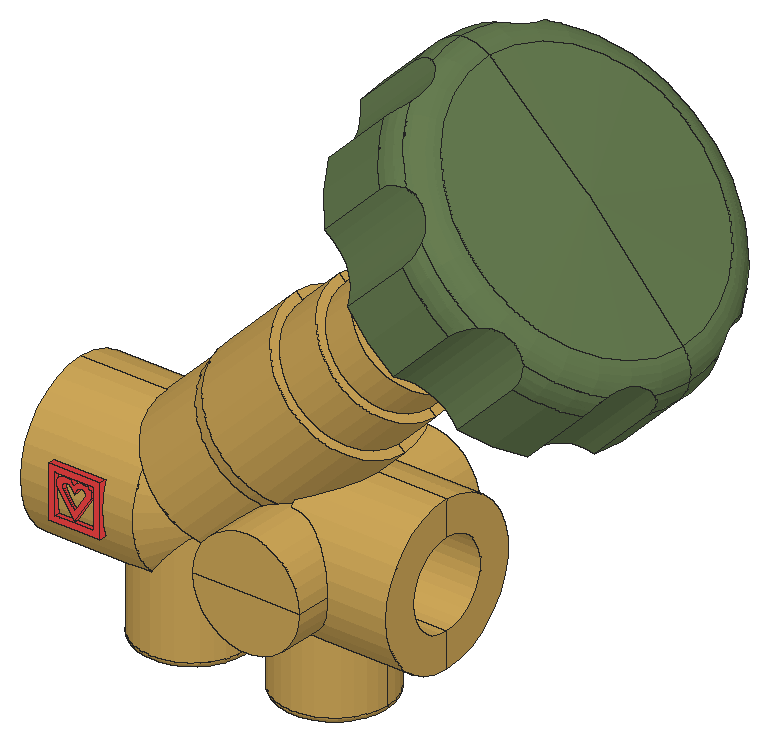
Revit family "HERZ Strömax 4125 AWD", category Rohrzubehör, Revit 2019
Family settings
  Bemaßung runder Anschluss = Durchmesser verwenden
  Teiletyp = Unterbricht
  OmniClass-Nummer = 23.65.55.14
  OmniClass-Titel = Valves for Liquid Services
  Arbeitsebenenbasiert = Nein
  Immer vertikal = Ja
  Beim Laden mit Abzugskörper schneiden = Nein
  Gemeinsam genutzt = Nein
Parameters
  W01 = 45.00°  # constant formula
  URL = "www.herzvalves.com"
  Technically possible use = " "  # constant formula
  Spindle = "forged brass CW617N"  # constant formula
  SW01 = 60.00°  # constant formula
  SC_NennweiteBerechnet = 0
  SC_Dimension = ""
  SCTWSEQ = "FW;SBT_TYP_FW=\"109\";2"
  SCTWCODE = "04;00;02"  # constant formula
  S03 = 60.000 mm  # constant formula
  S02 [instance] = L06 + L09 + L12 + L15  # 77.900 mm
  S01 [instance] = R01 * 2  # 27.000 mm
  R12 [instance] = R01 - 1.000 mm  # 12.500 mm
  R11 [instance] = size_lookup("4125AWD_", "R11", 46.500 mm, Nennweite)  # 5.100 mm
  R100 = 1.000 mm  # constant formula
  R10 [instance] = size_lookup("4125AWD_", "R10", 46.500 mm, Nennweite)  # 8.000 mm
  R09 [instance] = size_lookup("4125AWD_", "R9", 46.500 mm, Nennweite)  # 10.500 mm
  R08 [instance] = size_lookup("4125AWD_", "R8", 46.500 mm, Nennweite)  # 12.000 mm
  R07 [instance] = size_lookup("4125AWD_", "R7", 46.500 mm, Nennweite)  # 13.500 mm
  R06 [instance] = size_lookup("4125AWD_", "R6", 43.000 mm, Nennweite)  # 13.000 mm
  R05 [instance] = Nennweite / 2  # 7.500 mm
  R04 [instance] = size_lookup("4125AWD_", "R4", 11.500 mm, Nennweite)  # 9.500 mm
  R03 = 9.500 mm  # constant formula
  R02 [instance] = Nennweite / 2  # 7.500 mm
  R01 [instance] = size_lookup("4125AWD_", "R1", 11.500 mm, Nennweite)  # 13.500 mm
  Part number [instance] = size_lookup("4125AWD_", "Artnr", 0, Nennweite)  # 2412571
  Upper part = "DZR brass CW626N"  # constant formula
  Note = "Pursuant to Article 33 of the REACH Regulation (EC No. 1907/2006), we are obliged to point out that the material lead is listed on the SVHC list and that all brass components manufactured in our products exceed 0.1% (w / w) lead (CAS: 7439-92-1 / EINECS: 231-100-4).\r\nSince lead is a component part of an alloy, actual exposure is not possible and therefore no additional information on safe use is necessary."
  Nennweite [instance] = 15.000 mm
  Min. flow at Dp 10 kPa [instance] = if(Nennweite = 15.000 mm, 0.5 L/s, if(Nennweite = 20.000 mm, 1.0 L/s, if(Nennweite = 25.000 mm, 1.75 L/s, if(Nennweite = 32.000 mm, 3.0 L/s, if(Nennweite = 40.000 mm, 4.0 L/s, if(Nennweite = 50.000 mm, 6.75 L/s, if(Nennweite = 65.000 mm, 11.0 L/s, if(Nennweite = 80.000 mm, 16.0 L/s, 0.0 L/s))))))))  # 0.5 L/s
  Medium = "Water"  # constant formula
  Max. operating temperature = 80 °C  # constant formula
  Max. operating pressure = 2000000.0 Pa  # constant formula
  Max. service temperature (ÖVGW) = 65 °C  # constant formula
  Max. differential pressure on closed seat = 1000000.0 Pa  # constant formula
  Max. operating pressure (ÖVGW) = 1000000.0 Pa  # constant formula
  L16 [instance] = L01 / 2  # 10.000 mm
  L15 [instance] = size_lookup("4125AWD_", "L15", 12.400 mm, Nennweite)  # 12.400 mm
  L14 [instance] = size_lookup("4125AWD_", "L14", 81.000 mm, Nennweite)  # 6.000 mm
  L12 [instance] = size_lookup("4125AWD_", "L12", 81.000 mm, Nennweite)  # 26.000 mm
  L11 [instance] = size_lookup("4125AWD_", "L11", 60.000 mm, Nennweite)  # 6.700 mm
  L10 [instance] = size_lookup("4125AWD_", "L10", 20.000 mm, Nennweite)  # 9.300 mm
  L09 [instance] = size_lookup("4125AWD_", "L9", 11.000 mm, Nennweite)  # 17.000 mm
  L08 [instance] = size_lookup("4125AWD_", "L8", 35.000 mm, Nennweite)  # 20.000 mm
  L07 [instance] = size_lookup("4125AWD_", "L7", 35.000 mm, Nennweite)  # 12.500 mm
  L06 [instance] = size_lookup("4125AWD_", "L6", 118.000 mm, Nennweite) - L09  # 22.500 mm
  L05 [instance] = size_lookup("4125AWD_", "L5", 44.000 mm, Nennweite)  # 20.500 mm
  L04 [instance] = size_lookup("4125AWD_", "L4", 45.000 mm, Nennweite)  # 19.500 mm
  L03 = 15.000 mm  # constant formula
  L02 [instance] = size_lookup("4125AWD_", "L2", 22.000 mm, Nennweite)  # 6.000 mm
  L01 [instance] = size_lookup("4125AWD_", "L1", 48.000 mm, Nennweite)  # 20.000 mm
  L00 [instance] = size_lookup("4125AWD_", "L", 180.000 mm, Nennweite)  # 65.000 mm
  Plug = "DZR brass CW626N"  # constant formula
  Hersteller = "HERZ Armaturen Ges.m.b.H."  # constant formula
  Hand wheel = "plastic, green"  # constant formula
  H01 [instance] = size_lookup("4125AWD_", "H1", 53.000 mm, Nennweite)  # 24.000 mm
  Occasional temperature rises = "up to 95°C, if they do not last longer than 1 h"  # constant formula
  Seals = "EPDM"  # constant formula
  DN80 [instance] = Nennweite = 80.000 mm  # no
  DN65 [instance] = Nennweite = 65.000 mm  # no
  DN50 [instance] = Nennweite = 50.000 mm  # no
  DN40 [instance] = Nennweite = 40.000 mm  # no
  DN32 [instance] = Nennweite = 32.000 mm  # no
  DN25 [instance] = Nennweite = 25.000 mm  # no
  DN20 [instance] = Nennweite = 20.000 mm  # no
  DN15 [instance] = Nennweite = 15.000 mm  # yes
  Body = "DZR brass CC770S"  # constant formula
  Application = "For shutting off drinking water pipes in buildings."
Reference planes
  plane 1 "Mitte (Vorne/hinten)": y = 0
  plane 2: z = 0
  plane 3 "Mitte (Links/rechts)": x = 0
Forms (mm)
  Revolve 1, solid, material "Messing, weicher Gelbton, geschweißt", detail levels fine
    sketch origin (470, 0, 0) x (1, 0, 0) y (0, 0, 1)
      loop
        line (-502.5, 7.5) -> (-487.5, 7.5) -> (-487.5, 0) -> (-452.5, 0) -> (-452.5, 7.5) -> (-437.5, 7.5) -> (-437.5, 13.5) -> (-457.5, 13.5) -> (-464, 7.5) -> (-476, 7.5) -> (-482.5, 13.5) -> (-502.5, 13.5) -> (-502.5, 7.5)
      axis (-502.5, 0) -> (-437.5, 0)
    angle from 0 to 360
  Revolve 2, solid, material "Messing, weicher Gelbton, geschweißt", detail levels fine
    sketch origin (470, 0, 0) x (1, 0, 0) y (0, 0, 1)
      loop
        line (-492, 0) -> (-492, -23)
        arc (-492, -23) -> (-491.707, -23.707) -> (-491, -24) r 1
        line (-491, -24) -> (-482.5, -24) -> (-482.5, 0) -> (-492, 0)
      axis (-482.5, 0) -> (-482.5, -24)
    angle from 0 to 360
  Revolve 3, solid, material "Messing, weicher Gelbton, geschweißt", detail levels fine
    sketch origin (0, 0, 0) x (1, 0, 0) y (0, 1, 0)
      loop
        line (12.5, -19.5) -> (22, -19.5) -> (22, 20.5) -> (12.5, 20.5) -> (12.5, -19.5)
      axis (12.5, -19.5) -> (12.5, 20.5)
    angle from 0 to 360
  Revolve 4, solid, material "Messing, weicher Gelbton, geschweißt", detail levels fine
    sketch origin (-470, 0, 0) x (-1, 0, 0) y (0, 0, 1)
      loop
        line (-492, 0) -> (-492, -23)
        arc (-492, -23) -> (-491.707, -23.707) -> (-491, -24) r 1
        line (-491, -24) -> (-482.5, -24) -> (-482.5, 0) -> (-492, 0)
      axis (-482.5, 0) -> (-482.5, -24)
    angle from 0 to 360
  Revolve 5, solid, material "Messing, weicher Gelbton, geschweißt", detail levels fine
    sketch origin (0.32, 0, -0.105) x (1, 0, 0) y (0, 0, 1)
      loop
        line (-12.82, 0) -> (42.264, 55.084) -> (38.657, 58.69) -> (29.889, 49.922) -> (27.839, 51.972) -> (20.767, 44.901) -> (19, 46.669) -> (14.262, 41.931) -> (13.201, 42.992) -> (6.625, 36.416) -> (5.565, 37.477) -> (-6.456, 25.456) -> (-7.87, 23.335) -> (-17.77, 13.435) -> (-18.123, 5.303) -> (-12.82, 0)
      axis (-12.82, 0) -> (42.264, 55.084)
    angle from 0 to 360
Lines and regions (mm)
  model lines, detail levels coarse+medium
    curve 1: line (-32.5, 0, 13.5) -> (-32.5, 0, -13.5)
    curve 2: line (-32.5, 0, -13.5) -> (32.5, 0, 13.5)
    curve 3: line (32.5, 0, 13.5) -> (32.5, 0, -13.5)
    curve 4: line (32.5, 0, -13.5) -> (-32.5, 0, 13.5)
    curve 5: line (0, 0, 0) -> (38.95, 0, 67.463)
    curve 6: line (12.969, 0, 82.463) -> (64.931, 0, 52.463)
    curve 7: line (-32.5, -13.5, 0) -> (-32.5, 13.5, 0)
    curve 8: line (-32.5, 13.5, 0) -> (32.5, -13.5, 0)
    curve 9: line (32.5, -13.5, 0) -> (32.5, 13.5, 0)
    curve 10: line (32.5, 13.5, 0) -> (-32.5, -13.5, 0)
    curve 11: line (0, 0, 0) -> (38.95, 67.463, 0)
    curve 12: line (12.969, 82.463, 0) -> (64.931, 52.463, 0)
Dimensions and locks
  "H01": plane 2 to Revolve 2 sketch curve
  "L00": Revolve 1 sketch curve to Revolve 1 sketch curve
  equal spacing: Revolve 1 sketch curve, plane 3 "Mitte (Links/rechts)", Revolve 1 sketch curve
  "R01": Revolve 1 sketch curve to Revolve 1 sketch curve  (x2)
  "R02": Revolve 1 sketch curve to Revolve 1 sketch curve  (x3)
  "L01": Revolve 1 sketch curve to Revolve 1 sketch curve  (x2)
  "L02": plane 3 "Mitte (Links/rechts)" to Revolve 1 sketch curve
  "L02": Revolve 1 sketch curve to plane 3 "Mitte (Links/rechts)"
  "L03": Revolve 1 sketch curve to Revolve 1 sketch curve  (x2)
  "L01": Revolve 1 to Revolve 2 sketch curve
  "R03": Revolve 2 sketch curve to Revolve 2 sketch curve
  "L01": Revolve 4 sketch curve to Revolve 1
  "R03": Revolve 4 sketch curve to Revolve 4 sketch curve
  "H01": plane 2 to Revolve 4 sketch curve
  "L04": Revolve 3 sketch curve to plane 1 "Mitte (Vorne/hinten)"
  "L05": plane 1 "Mitte (Vorne/hinten)" to Revolve 3 sketch curve
  "R04": Revolve 3 sketch curve to Revolve 3 sketch curve
  "L01": Revolve 3 sketch curve to Revolve 1
  "R07": Revolve 5 sketch curve to Revolve 5 sketch curve
  "L07": plane 3 "Mitte (Links/rechts)" to Revolve 5 sketch curve
  "R05": Revolve 5 sketch curve to Revolve 5 sketch curve
  "L06": Revolve 5 sketch curve to Revolve 5 sketch curve
  "L08": Revolve 5 sketch curve to Revolve 5 sketch curve
  "R06": Revolve 5 sketch curve to Revolve 5 sketch curve
  "L14": Revolve 5 sketch curve to Revolve 5 sketch curve
  "L09": Revolve 5 sketch curve to Revolve 5 sketch curve
  "R08": Revolve 5 sketch curve to Revolve 5 sketch curve
  "L10": Revolve 5 sketch curve to Revolve 5 sketch curve
  "R09": Revolve 5 sketch curve to Revolve 5 sketch curve
  "R10": Revolve 5 sketch curve to Revolve 5 sketch curve
  "L12": Revolve 5 sketch curve to Revolve 5 sketch curve
  "R11": Revolve 5 sketch curve to Revolve 5 sketch curve
  "L15": Revolve 5 sketch curve to Revolve 5 sketch curve
  "L11": Revolve 5 sketch curve to Revolve 5 sketch curve
  "R12": nested 9 to plane 1 "Mitte (Vorne/hinten)"
  "L16": Revolve 1 to nested 9
  equal spacing: curve 1, plane 3 "Mitte (Links/rechts)", curve 3
  "L00": curve 1 to curve 3
  equal spacing: curve 4, plane 2, curve 2
  "S01": curve 4 to curve 1
  "S01": curve 3 to curve 4
  equal spacing: curve 3, plane 2, curve 4
  "S02": curve 5 to curve 5
  equal spacing: curve 6, curve 5, curve 6
  "S03": curve 6 to curve 6
  equal spacing: curve 7, plane 3 "Mitte (Links/rechts)", curve 9
  "L00": curve 7 to curve 9
  equal spacing: curve 10, plane 1 "Mitte (Vorne/hinten)", curve 8
  "S01": curve 8 to curve 10
  equal spacing: curve 9, plane 1 "Mitte (Vorne/hinten)", curve 10
  "S01": curve 10 to curve 9
  "S02": curve 11 to curve 11
  equal spacing: curve 12, curve 11, curve 12
  "S03": curve 12 to curve 12
  "R100": radius of Revolve 2 sketch curve
  "R100": radius of Revolve 4 sketch curve
  "W01": angle plane 2 to Revolve 5 sketch curve
  "W01": angle level to Revolve 5 sketch curve
  "SW01": angle plane 2 to curve 5
  "SW01": angle plane 1 "Mitte (Vorne/hinten)" to curve 11
  aligned and locked: level to plane 2
Automatic sketch dimensions
  curve 5 to level = 0.000 mm
  plane 1 "Mitte (Vorne/hinten)" to curve 11 = 0.000 mm
  Revolve 1 sketch curve to level = 0.000 mm  (x2)
  Revolve 1 sketch curve to Revolve 1 sketch curve = 791.990 mm
  Revolve 1 sketch curve to Revolve 1 sketch curve = 2278.983 mm
  Revolve 2 sketch curve to level = 0.000 mm  (x2)
  Revolve 2 sketch curve to Revolve 2 sketch curve = 0.000 mm
  Revolve 2 sketch curve to Revolve 2 sketch curve = 0.292 mm
  Revolve 3 sketch curve to Revolve 3 sketch curve = 0.000 mm  (x3)
  Revolve 4 sketch curve to level = 0.000 mm  (x2)
  Revolve 4 sketch curve to Revolve 4 sketch curve = 0.000 mm
  Revolve 4 sketch curve to Revolve 4 sketch curve = 0.292 mm
  Revolve 5 sketch curve to level = 0.105 mm
  Revolve 5 sketch curve to Revolve 5 sketch curve = 0.000 mm  (x2)
Nested families
  nested 1: "Strömax-Handrad_Schrägsitz (Grün)" at (42.584, 0, 54.979), visible <- "DN15", type "Strömax-Handrad_Schrägsitz (Grün)", detail levels fine
    with Nennweite 0.000 mm, Gewicht 0.00 kg, Bestellnummer 0
  nested 2: "Strömax-Handrad_Schrägsitz (Grün)" at (54.312, 0, 67.707), visible <- "DN20", type "Strömax-Handrad_Schrägsitz (Grün)", detail levels fine
    with Nennweite 0.000 mm, Gewicht 0.00 kg, Bestellnummer 0
  nested 3: "Strömax-Handrad_Schrägsitz (Grün)" at (62.469, 0, 80.364), visible <- "DN25", type "Strömax-Handrad_Schrägsitz (Grün)", detail levels fine
    with Nennweite 0.000 mm, Gewicht 0.00 kg, Bestellnummer 0
  nested 4: "Strömax-Handrad_Schrägsitz (Grün)" at (71.712, 0, 91.607), visible <- "DN32", type "Strömax-Handrad_Schrägsitz (Grün)", detail levels fine
    with Nennweite 0.000 mm, Gewicht 0.00 kg, Bestellnummer 0
  nested 5: "Strömax-Handrad_Schrägsitz (Grün)" at (80.399, 0, 101.294), visible <- "DN40", type "Strömax-Handrad_Schrägsitz (Grün)", detail levels fine
    with Nennweite 0.000 mm, Gewicht 0.00 kg, Bestellnummer 0
  nested 6: "Strömax-Handrad_Schrägsitz (Grün)" at (97.83, 0, 129.225), visible <- "DN50", type "Strömax-Handrad_Schrägsitz (Grün)", detail levels fine
    with Nennweite 0.000 mm, Gewicht 0.00 kg, Bestellnummer 0
  nested 7: "Strömax-Handrad_Schrägsitz (Grün)" at (114.482, 0, 149.378), visible <- "DN65", type "Strömax-Handrad_Schrägsitz (Grün)", detail levels fine
    with Nennweite 0.000 mm, Gewicht 0.00 kg, Bestellnummer 0
  nested 8: "Strömax-Handrad_Schrägsitz (Grün)" at (140.423, 0, 183.319), visible <- "DN80", type "Strömax-Handrad_Schrägsitz (Grün)", detail levels fine
    with Nennweite 0.000 mm, Gewicht 0.00 kg, Bestellnummer 0
  nested 9: "Herz-Logo-vorne" at (-22.5, -13.232, 0) x (0, 1, 0) z (0, 0, 1), type "Herz-Logo-vorne", detail levels fine
Connectors
  piping at (-17.5, 0, 0), diameter 15, driven by "Nennweite"
    settings: on Revolve 1, index 1, connector inside diameter 609.6 mm, connector length 0.000 mm, flow factor 0, pipe flow 0.0 L/s, pressure drop 0.0 Pa, fitting loss kfactor 0, connector angle 0.00°, fixture units 0, engagement length 0.000 mm, angle of deflection 0.00°, flow configuration 0, flow direction 1, fitting loss method 0, system type 29, joint type 0, gender type 0, connector reference index -1, connector utility 0, adjustable connector no, is connector primary yes, connector description ""
  piping at (17.5, 0, 0), diameter 15, driven by "Nennweite"
    settings: on Revolve 1, index 2, connector inside diameter 609.6 mm, connector length 0.000 mm, flow factor 0, pipe flow 0.0 L/s, pressure drop 0.0 Pa, fitting loss kfactor 0, connector angle 0.00°, fixture units 0, engagement length 0.000 mm, angle of deflection 0.00°, flow configuration 0, flow direction 2, fitting loss method 0, system type 29, joint type 0, gender type 0, connector reference index -1, connector utility 0, adjustable connector no, is connector primary no, connector description ""
Definition of nested family "Strömax-Handrad_Schrägsitz (Grün)"
  Parameters (values of type "Strömax-Handrad_Schrägsitz (Grün)")
    URL = "www.herz-armaturen.at"
    Nennweite [instance] = 0.000 mm
    Manufacturer = "Herz Armaturen GmbH"  # constant formula
    Gewicht [instance] = 0.00 kg
    Bestellnummer [instance] = 0
  Reference planes
    plane 1 "Mitte (Vorne/hinten)": y = 0
    plane 2: z = 0
    plane 3 "Mitte (Links/rechts)": x = 0
  Forms (mm)
    Revolve 1, solid
      sketch origin (0, 0, 0) x (0.707107, 0, -0.707107) y (0.707107, 0, 0.707107)
        loop
          line (0, 0) -> (0, 22)
          arc (0, 22) -> (-12.15, 21.705) -> (-24.271, 20.819) r 250
          arc (-24.271, 20.819) -> (-26.831, 19.959) -> (-28.754, 18.063) r 6
          arc (-28.754, 18.063) -> (-29.682, 16.008) -> (-30, 13.776) r 8
          line (-30, 13.776) -> (-30, 0) -> (0, 0)
        axis (0, 22) -> (0, 0)
      angle from 0 to 360
    Extrusion 2, void
      sketch origin (0, 0, 0) x (0.707107, 0, -0.707107) y (0, 1, 0)
        loop
          circle (14.351, -34.645) r 10
      from 0 to 22
    Extrusion 3, void
      sketch origin (0, 0, 0) x (-0.707107, 0, 0.707107) y (0, -1, 0)
        loop
          circle (14.351, 34.645) r 10
      from 0 to 22
    Extrusion 4, void
      sketch origin (0, 0, 0) x (0, -1, 0) y (0.707107, 0, -0.707107)
        loop
          circle (14.351, 34.645) r 10
      from 0 to 22
    Extrusion 5, void
      sketch origin (0, 0, 0) x (0, 1, 0) y (-0.707107, 0, 0.707107)
        loop
          circle (14.351, -34.645) r 10
      from 0 to 22
    Extrusion 6, void
      sketch origin (0, 0, 0) x (0, -1, 0) y (0.707107, 0, -0.707107)
        loop
          circle (14.351, -34.645) r 10
      from 0 to 22
    Extrusion 7, void
      sketch origin (0, 0, 0) x (0, 1, 0) y (-0.707107, 0, 0.707107)
        loop
          circle (14.351, 34.645) r 10
      from 0 to 22
    Extrusion 8, void
      sketch origin (0, 0, 0) x (0.707107, 0, -0.707107) y (0, 1, 0)
        loop
          circle (14.351, 34.645) r 10
      from 0 to 22
    Extrusion 9, void
      sketch origin (0, 0, 0) x (-0.707107, 0, 0.707107) y (0, -1, 0)
        loop
          circle (14.351, -34.645) r 10
      from 0 to 22
  Cuts and joins
    Extrusion 2, Extrusion 3, Extrusion 4, Extrusion 5, Extrusion 6, Extrusion 7, Extrusion 8, Extrusion 9 cuts Revolve 1
  Dimensions and locks
    aligned and locked: level to plane 2
Definition of nested family "Herz-Logo-vorne"
  Reference planes
    plane 1 "Mitte (Vorne/hinten)": y = 0
    plane 2: z = 0
    plane 3 "Mitte (Links/rechts)": x = 0
  Forms (mm)
    Extrusion 1, solid
      sketch origin (0.732, -0.018, 0.017) x (0, -1, 0) y (0, 0, 1)
        loop
          line (-0.018, -4.517) -> (4.482, -4.517) -> (4.482, 4.483) -> (-4.518, 4.483) -> (-4.518, -4.517) -> (-0.018, -4.517)
        loop
          line (-0.05, -3.48) -> (3.482, -3.48) -> (3.482, 3.483) -> (-3.518, 3.483) -> (-3.518, -3.48) -> (-0.05, -3.48)
        loop
          arc (-0.018, 2.383) -> (-1.543, 3.287) -> (-3.067, 2.383) r 1.738
          arc (-3.067, 2.383) -> (-3.191, 1.899) -> (-3.067, 1.415) r 1.009
          line (-3.067, 1.415) -> (-0.018, -3.281) -> (3.032, 1.415)
          arc (3.032, 1.415) -> (3.156, 1.899) -> (3.032, 2.383) r 1.009
          arc (3.032, 2.383) -> (1.507, 3.287) -> (-0.018, 2.383) r 1.738
        loop
          arc (1.885, 1.272) -> (2.005, 1.675) -> (1.885, 2.079) r 0.74
          arc (1.885, 2.079) -> (1.265, 2.416) -> (0.644, 2.079) r 0.74
          line (0.644, 2.079) -> (-0.018, 0.97) -> (-0.679, 2.079)
          arc (-0.679, 2.079) -> (-1.3, 2.416) -> (-1.921, 2.079) r 0.74
          arc (-1.921, 2.079) -> (-2.04, 1.675) -> (-1.921, 1.272) r 0.74
          line (-1.921, 1.272) -> (-0.018, -1.658) -> (1.885, 1.272)
      from 0 to 1.5
  Dimensions and locks
    aligned and locked: level to plane 2
